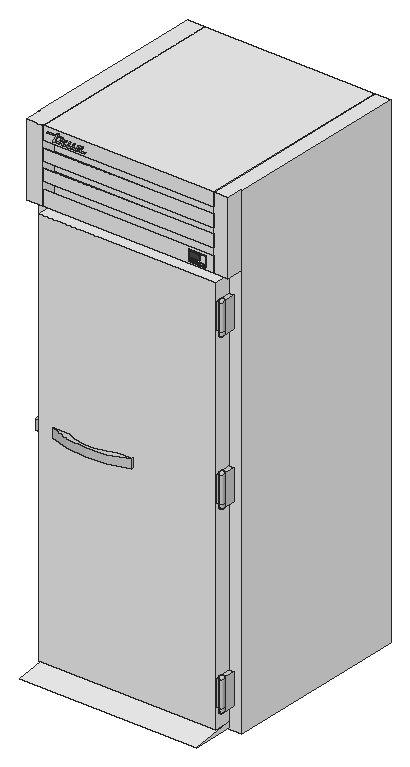
Revit family
Parameters
  Weight in Pounds = 0
  Watts = Volts * FL Amps  # 1380 W
  Volts = 115 V
  URL Cutsheet = "www.truemfg.com"
  URL = "www.truemfg.com"
  Type Mark [instance] = ""
  Type Comments = ""
  Status [instance] = ""
  Specification by User [instance] = ""
  Specification by Manufacturer = ""
  Show Logo [instance] = yes
  Show Clearance [instance] = yes
  Serial Number = ""
  Seismic Rating = ""
  SMACNA No = ""
  Revision Code [instance] = ""
  Phase = 1
  Omniclass Number and Title = ""
  Number of Poles [instance] = 1
  NAFEM Spec ID Number = ""
  Model = "STR1FRI-1S"
  Min Ckt Ampacity = 0 A
  Max Overcurrent Protection = 0 A
  Masterspec = ""
  Manufacturer = "TRUE FOOD SERVICE EQUIPMENT, INC."
  Length = 35"
  Item Number [instance] = ""
  Installed By [instance] = ""
  Identify Quantity as Lot [instance] = yes
  Height = 83 3/4"
  HP = "3/4"
  Furnished By [instance] = ""
  Foodservice Equipment Identifier [instance] = yes
  FL Amps = 12 A
  Electrical Remarks [instance] = ""
  Electric Connection Type [instance] = ""
  Elec Conn RI Height [instance] = 0"
  Elec Conn Connection Height [instance] = 0"
  Description = "Reach-in Solid Swing Door Freezer"
  Depth = 34 3/4"
  Cycle = 60 Hz
  Conn Plug = "5-15P"
  Conn Conduit = yes
  CSI MasterFormat = ""
  CSI Master Format = ""
  Apparent Power = if(Phase = 3, Volts * FL Amps * 1.73, Volts * FL Amps)  # 1380 VA
Reference planes (in)
  plane 1 "BACK": y = 0
  plane 2: z = 0
  plane 3 "LEFT": x = 0
  plane 4 "RIGHT": x = 35
  plane 5 "FRONT": y = -34.75
  plane 6 "TOP": z = 83.75
  plane 7: x = 2.84375
  plane 8: y = -34.7042
  plane 9: x = 32.15625
  plane 10: z = 69.90625
Forms (in)
  Extrusion 1, solid, material "QF_Finishes_Chrome - Satin"
    sketch origin (0.05, 0, 0) x (1, 0, 0) y (0, 1, 0)
      loop
        line (-0.05, 0) -> (-0.05, -32) -> (2.87859, -32) -> (2.87859, 0) -> (-0.05, 0)
    from 0 to 83.75
  Extrusion 2, solid, material "QF_Finishes_Chrome - Satin"
    sketch origin (50.15, 0, 0) x (1, 0, 0) y (0, 1, 0)
      loop
        line (-17.85, 0) -> (-17.85, -32) -> (-15.15, -32) -> (-15.15, 0) -> (-17.85, 0)
    from 0 to 83.75
  Extrusion 3, solid, material "QF_Finishes_Chrome - Satin"
    sketch origin (0, 0, 0) x (0, 1, 0) y (0, 0, 1)
      loop
        line (-34.7042, 71.28125) -> (-32, 71.28125) -> (-32, 0) -> (0, 0) -> (0, 83.75) -> (-34.7042, 83.75) -> (-34.7042, 81.46828) -> (-32.5, 79.90102) -> (-32.5, 78.77875) -> (-34.7042, 80.34601) -> (-34.7042, 78.2123) -> (-32.5, 76.64504) -> (-32.5, 75.68428) -> (-34.7042, 77.25154) -> (-34.7042, 75.15534) -> (-32.5, 73.58807) -> (-32.5, 72.3125) -> (-34.7042, 73.87976) -> (-34.7042, 71.28125)
    from 2.92859 to 32.3
  Extrusion 4, solid, material "QF_Finishes_Chrome - Satin"
    sketch origin (0, 0, 0) x (1, 0, 0) y (0, 1, 0)
      loop
        line (34.84782, -32) -> (32.3, -32) -> (32.3, -34.75) -> (34.84782, -34.75) -> (34.84782, -32)
    from 71.28125 to 83.75
  Extrusion 5, solid, material "QF_Finishes_Chrome - Satin"
    sketch origin (-50.125, 0, 0.25) x (1, 0, 0) y (0, 1, 0)
      loop
        line (53.05359, -32) -> (50.24109, -32) -> (50.24109, -34.75) -> (53.05359, -34.75) -> (53.05359, -32)
    from 71.03125 to 83.5
  Extrusion 6, solid, material "QF_Finishes_Chrome - Satin"
    sketch origin (-24.96875, -1, -0.71875) x (1, 0, 0) y (0, 0, 1)
      loop
        line (27.25, 1.71875) -> (57.65625, 1.71875) -> (57.65625, 70.625) -> (27.25, 70.625) -> (27.25, 1.71875)
    from 31 to 33.75
  Extrusion 7, solid, material "QF_Finishes_Handrails and Railings"
    sketch origin (58.625, -0.25, 25.43519) x (1, 0, 0) y (0, 1, 0)
      loop
        line (-53.875, -34.5) -> (-53.875, -34.7)
        arc (-53.875, -34.7) -> (-47.075, -36.14405) -> (-40.275, -34.7) r 16.7325
        line (-40.275, -34.7) -> (-40.275, -34.5) -> (-42.675, -34.5)
        arc (-42.675, -34.5) -> (-47.075, -35.65816) -> (-51.475, -34.5) r 8.93715
        line (-51.475, -34.5) -> (-53.875, -34.5)
    from 10.87731 to 12.37731
  Extrusion 8, solid, material "QF_Finishes_Handrails and Railings"
    sketch origin (-23.375, 0, -3) x (1, 0, 0) y (0, 0, 1)
      loop
        circle (26.4375, 40.0625) r 0.35
      loop
        line (26.47265, 40.33635) -> (26.41715, 40.33635) -> (26.41715, 39.76895) -> (26.47265, 39.76895) -> (26.47265, 40.33635)
    from 33.5 to 33.83066
  Extrusion 9, solid, material "QF_Finishes_Handrails and Railings", visible <- "Show Logo"
    sketch origin (0.33478, 0.06376, 5.01857) x (1, 0, 0) y (0, 0, 1)
      loop
        line (3.46044, 78.08731) -> (3.35478, 77.86073) -> (4.76027, 77.86073)
        arc (4.76027, 77.86073) -> (4.78879, 77.81028) -> (4.76027, 77.75984) r 0.05887
        line (4.76027, 77.75984) -> (4.39369, 76.97372)
        arc (4.39369, 76.97372) -> (4.39051, 76.90091) -> (4.43975, 76.84717) r 0.09523
        line (4.43975, 76.84717) -> (5.33844, 76.84717)
        arc (5.33844, 76.84717) -> (5.45192, 76.88295) -> (5.52436, 76.97735) r 0.19785
        line (5.52436, 76.97735) -> (5.81285, 77.59601) -> (6.0779, 77.59601)
        arc (6.0779, 77.59601) -> (6.14744, 77.57043) -> (6.13737, 77.49703) r 0.05911
        line (6.13737, 77.49703) -> (5.89598, 76.97937)
        arc (5.89598, 76.97937) -> (5.89974, 76.8934) -> (5.97231, 76.84717) r 0.09318
        line (5.97231, 76.84717) -> (6.76198, 76.84717)
        arc (6.76198, 76.84717) -> (6.82249, 76.86919) -> (6.85468, 76.92495) r 0.09412
        arc (6.85468, 76.92495) -> (6.87746, 76.86995) -> (6.93246, 76.84717) r 0.07778
        line (6.93246, 76.84717) -> (7.43246, 76.84717)
        arc (7.43246, 76.84717) -> (7.49022, 76.86265) -> (7.53251, 76.90493) r 0.11552
        arc (7.53251, 76.90493) -> (7.55275, 76.85606) -> (7.60162, 76.83581) r 0.06912
        line (7.60162, 76.83581) -> (8.31225, 76.83581)
        arc (8.31225, 76.83581) -> (8.37034, 76.85988) -> (8.39441, 76.91797) r 0.08216
        arc (8.39441, 76.91797) -> (8.44767, 76.86472) -> (8.52042, 76.84522) r 0.14551
        line (8.52042, 76.84522) -> (9.85158, 76.84522) -> (9.99946, 77.10134) -> (8.65678, 77.10134)
        arc (8.65678, 77.10134) -> (8.61972, 77.12704) -> (8.61834, 77.17211) r 0.05009
        line (8.61834, 77.17211) -> (8.64157, 77.22192)
        arc (8.64157, 77.22192) -> (8.67723, 77.26864) -> (8.73327, 77.28635) r 0.09747
        line (8.73327, 77.28635) -> (9.16485, 77.28635)
        arc (9.16485, 77.28635) -> (9.258, 77.31131) -> (9.32619, 77.3795) r 0.1863
        line (9.32619, 77.3795) -> (9.45119, 77.59601)
        arc (9.45119, 77.59601) -> (9.45119, 77.71157) -> (9.35111, 77.76934) r 0.11556
        line (9.35111, 77.76934) -> (8.89562, 77.76934)
        arc (8.89562, 77.76934) -> (8.7795, 77.74962) -> (8.69849, 77.66412) r 0.18605
        line (8.69849, 77.66412) -> (8.48204, 77.19993)
        arc (8.48204, 77.19993) -> (8.41815, 77.11667) -> (8.31806, 77.08511) r 0.1745
        line (8.31806, 77.08511) -> (7.84559, 77.08511)
        arc (7.84559, 77.08511) -> (7.78903, 77.14684) -> (7.79268, 77.23048) r 0.10939
        line (7.79268, 77.23048) -> (8.04395, 77.76934) -> (7.88403, 77.76934) -> (7.61781, 77.19844)
        arc (7.61781, 77.19844) -> (7.56609, 77.13103) -> (7.48505, 77.10548) r 0.14128
        line (7.48505, 77.10548) -> (7.15925, 77.10548)
        arc (7.15925, 77.10548) -> (7.10419, 77.17723) -> (7.116, 77.26689) r 0.11816
        line (7.116, 77.26689) -> (7.3503, 77.76934) -> (7.18514, 77.76934) -> (6.91546, 77.191)
        arc (6.91546, 77.191) -> (6.85285, 77.12839) -> (6.76733, 77.10548) r 0.17104
        line (6.76733, 77.10548) -> (6.29555, 77.10548)
        arc (6.29555, 77.10548) -> (6.21082, 77.14499) -> (6.20267, 77.23813) r 0.0935
        line (6.20267, 77.23813) -> (6.35774, 77.57069) -> (6.57695, 77.57069)
        arc (6.57695, 77.57069) -> (6.61395, 77.68217) -> (6.69267, 77.76934) r 0.2857
        line (6.69267, 77.76934) -> (5.83605, 77.76934)
        arc (5.83605, 77.76934) -> (5.74086, 77.74824) -> (5.67498, 77.67635) r 0.16212
        line (5.67498, 77.67635) -> (5.44279, 77.17841)
        arc (5.44279, 77.17841) -> (5.3894, 77.12502) -> (5.31647, 77.10548) r 0.14586
        line (5.31647, 77.10548) -> (4.80506, 77.10548)
        arc (4.80506, 77.10548) -> (4.76514, 77.15942) -> (4.77274, 77.22609) r 0.09155
        line (4.77274, 77.22609) -> (5.11018, 77.86073) -> (5.96155, 77.86073) -> (6.06721, 78.08731) -> (5.21584, 78.08731) -> (5.32149, 78.31388) -> (5.01862, 78.31388) -> (4.91297, 78.08731) -> (3.46044, 78.08731)
      loop
        arc (8.83805, 77.56363) -> (8.80119, 77.55375) -> (8.7742, 77.52676) r 0.07373
        line (8.7742, 77.52676) -> (8.75229, 77.45936)
        arc (8.75229, 77.45936) -> (8.76245, 77.43483) -> (8.78699, 77.42466) r 0.0347
        line (8.78699, 77.42466) -> (9.15948, 77.42466)
        arc (9.15948, 77.42466) -> (9.18632, 77.43061) -> (9.20812, 77.44734) r 0.0635
        line (9.20812, 77.44734) -> (9.22624, 77.53122)
        arc (9.22624, 77.53122) -> (9.22091, 77.55368) -> (9.20009, 77.56363) r 0.02676
        line (9.20009, 77.56363) -> (8.83805, 77.56363)
    from 34.76797 to 34.83173
  Extrusion 10, solid, material "QF_Finishes_White"
    sketch origin (-22.74812, 0.0458, -7.91247) x (1, 0, 0) y (0, 0, 1)
      loop
        line (50.81732, 81.35727) -> (50.81732, 79.60996) -> (53.72357, 79.60996) -> (53.72357, 81.35727) -> (50.81732, 81.35727)
    from 34.75 to 34.76797
  Extrusion 11, solid, material "QF_Finishes_Black"
    sketch origin (-22.74812, 0.0458, -7.91247) x (1, 0, 0) y (0, 0, 1)
      loop
        line (53.78607, 81.41977) -> (50.75482, 81.41977) -> (50.75482, 79.54746) -> (53.78607, 79.54746) -> (53.78607, 81.41977)
      loop
        spline (50.95482, 79.87872) -> (50.96333, 79.86254) -> (50.98831, 79.84747) -> (51.02804, 79.83452) -> (51.07982, 79.82459) -> (51.14011, 79.81835) -> (51.20482, 79.81622) -> (51.26952, 79.81835) -> (51.32982, 79.82459) -> (51.38159, 79.83452) -> (51.42132, 79.84747) -> (51.4463, 79.86254) -> (51.45482, 79.87872)
        spline (51.45482, 79.87872) -> (51.4463, 79.89489) -> (51.42132, 79.90997) -> (51.38159, 79.92291) -> (51.32982, 79.93284) -> (51.26952, 79.93909) -> (51.20482, 79.94122) -> (51.14011, 79.93909) -> (51.07982, 79.93284) -> (51.02804, 79.92291) -> (50.98831, 79.90997) -> (50.96333, 79.89489) -> (50.95482, 79.87872)
      loop
        spline (51.65083, 79.87872) -> (51.65935, 79.86254) -> (51.68432, 79.84747) -> (51.72405, 79.83452) -> (51.77583, 79.82459) -> (51.83612, 79.81835) -> (51.90083, 79.81622) -> (51.96553, 79.81835) -> (52.02583, 79.82459) -> (52.07761, 79.83452) -> (52.11734, 79.84747) -> (52.14231, 79.86254) -> (52.15083, 79.87872)
        spline (52.15083, 79.87872) -> (52.14231, 79.89489) -> (52.11734, 79.90997) -> (52.07761, 79.92291) -> (52.02583, 79.93284) -> (51.96553, 79.93909) -> (51.90083, 79.94122) -> (51.83612, 79.93909) -> (51.77583, 79.93284) -> (51.72405, 79.92291) -> (51.68432, 79.90997) -> (51.65935, 79.89489) -> (51.65083, 79.87872)
      loop
        spline (52.40083, 79.87872) -> (52.40935, 79.86254) -> (52.43432, 79.84747) -> (52.47405, 79.83452) -> (52.52583, 79.82459) -> (52.58612, 79.81835) -> (52.65083, 79.81622) -> (52.71553, 79.81835) -> (52.77583, 79.82459) -> (52.82761, 79.83452) -> (52.86734, 79.84747) -> (52.89231, 79.86254) -> (52.90083, 79.87872)
        spline (52.90083, 79.87872) -> (52.89231, 79.89489) -> (52.86734, 79.90997) -> (52.82761, 79.92291) -> (52.77583, 79.93284) -> (52.71553, 79.93909) -> (52.65083, 79.94122) -> (52.58612, 79.93909) -> (52.52583, 79.93284) -> (52.47405, 79.92291) -> (52.43432, 79.90997) -> (52.40935, 79.89489) -> (52.40083, 79.87872)
      loop
        line (50.95481, 81.21978) -> (50.95481, 80.21978) -> (52.65433, 80.21978) -> (52.65433, 81.21978) -> (50.95481, 81.21978)
      loop
        line (53.72357, 81.35727) -> (50.81732, 81.35727) -> (50.81732, 79.60996) -> (53.72357, 79.60996) -> (53.72357, 81.35727)
      loop
        spline (53.15083, 79.87872) -> (53.15935, 79.86254) -> (53.18432, 79.84747) -> (53.22405, 79.83452) -> (53.27583, 79.82459) -> (53.33612, 79.81835) -> (53.40083, 79.81622) -> (53.46553, 79.81835) -> (53.52583, 79.82459) -> (53.57761, 79.83452) -> (53.61734, 79.84747) -> (53.64231, 79.86254) -> (53.65083, 79.87872)
        spline (53.65083, 79.87872) -> (53.64231, 79.89489) -> (53.61734, 79.90997) -> (53.57761, 79.92291) -> (53.52583, 79.93284) -> (53.46553, 79.93909) -> (53.40083, 79.94122) -> (53.33612, 79.93909) -> (53.27583, 79.93284) -> (53.22405, 79.92291) -> (53.18432, 79.90997) -> (53.15935, 79.89489) -> (53.15083, 79.87872)
    from 34.76797 to 34.80335
  Extrusion 12, solid
    sketch origin (-25.125, 0, 0) x (1, 0, 0) y (0, 0, 1)
      loop
        circle (56.875, 81.625) r 0.25
    from 0 to 0.0625
  Blend 13, solid, material "QF_Finishes_Handrails and Railings"
    base sketch origin (27.53125, -1, -1) x (-1, 0, 0) y (0, 0, -1)
      loop
        line (25.25, -38.99169) -> (26, -38.99169) -> (26, -37.24169) -> (25.25, -37.24169) -> (25.25, -38.99169)
    top sketch origin (27.53125, 0, -1) x (-1, 0, 0) y (0, 0, -1)
      loop
        line (26.18223, -36.6441) -> (25.25, -36.6441) -> (25.25, -39.42643) -> (26.18223, -39.42643) -> (26.18223, -36.6441)
    from 33.57883 to 32
  Extrusion 14, solid, material "QF_Finishes_Handrails and Railings"
    sketch origin (33.78125, 0, 3) x (0, 1, 0) y (0, 0, -1)
      loop
        line (-32, -64.17729) -> (-32, -58.86127) -> (-34.25, -58.86127) -> (-34.25, -59.57348) -> (-33.81497, -59.57348) -> (-33.81497, -63.97276)
        arc (-33.81497, -63.97276) -> (-33.75506, -64.11738) -> (-33.61044, -64.17729) r 0.20453
        line (-33.61044, -64.17729) -> (-32, -64.17729)
    from 0.17506 to 1
  Revolve 15, solid, material "QF_Finishes_Handrails and Railings"
    sketch origin (33.28125, 0, 3) x (0, 1, 0) y (0, 0, -1)
      loop
        line (-34.26563, -59.62689) -> (-34.67229, -59.62689) -> (-34.67229, -64.0986)
        arc (-34.67229, -64.0986) -> (-34.53722, -64.35057) -> (-34.26563, -64.43983) r 0.3848
        line (-34.26563, -64.43983) -> (-34.26563, -59.62689)
      loop
        line (-34.26563, -59.57348) -> (-34.26563, -58.67281)
        arc (-34.26563, -58.67281) -> (-34.53264, -58.75883) -> (-34.67229, -59.00212) r 0.38884
        line (-34.67229, -59.00212) -> (-34.67229, -59.57348) -> (-34.26563, -59.57348)
      axis (-34.26563, -58.67281) -> (-34.26563, -64.43983)
    angle from 0 to 360
  Extrusion 16, solid, material "QF_Finishes_Handrails and Railings"
    sketch origin (27.5, -1.07734, 3.0011) x (-1, 0, 0) y (0, 0, -1)
      loop
        line (-5.58509, -64.0986) -> (-5.1875, -64.0986) -> (-5.1875, -59.62579) -> (-5.58509, -59.62579) -> (-5.58509, -64.0986)
    from 32.81497 to 33.59495
  Extrusion 17, solid, material "QF_Finishes_Handrails and Railings"
    sketch origin (33.78125, 0, -24) x (0, 1, 0) y (0, 0, -1)
      loop
        line (-32, -64.55229) -> (-32, -59.23627) -> (-34.25, -59.23627) -> (-34.25, -59.94848) -> (-33.81497, -59.94848) -> (-33.81497, -64.34776)
        arc (-33.81497, -64.34776) -> (-33.75506, -64.49238) -> (-33.61044, -64.55229) r 0.20453
        line (-33.61044, -64.55229) -> (-32, -64.55229)
    from 0.17506 to 1
  Revolve 18, solid, material "QF_Finishes_Handrails and Railings"
    sketch origin (33.28125, 0, -24) x (0, 1, 0) y (0, 0, -1)
      loop
        line (-34.26563, -60.00189) -> (-34.67229, -60.00189) -> (-34.67229, -64.4736)
        arc (-34.67229, -64.4736) -> (-34.53722, -64.72557) -> (-34.26563, -64.81483) r 0.3848
        line (-34.26563, -64.81483) -> (-34.26563, -60.00189)
      loop
        line (-34.26563, -59.94848) -> (-34.26563, -59.04781)
        arc (-34.26563, -59.04781) -> (-34.53264, -59.13383) -> (-34.67229, -59.37712) r 0.38884
        line (-34.67229, -59.37712) -> (-34.67229, -59.94848) -> (-34.26563, -59.94848)
      axis (-34.26563, -59.04781) -> (-34.26563, -64.81483)
    angle from 0 to 360
  Extrusion 19, solid, material "QF_Finishes_Handrails and Railings"
    sketch origin (27.5, -1.07734, -23.9989) x (-1, 0, 0) y (0, 0, -1)
      loop
        line (-5.58509, -64.4736) -> (-5.1875, -64.4736) -> (-5.1875, -60.00079) -> (-5.58509, -60.00079) -> (-5.58509, -64.4736)
    from 32.81497 to 33.59495
  Extrusion 20, solid, material "QF_Finishes_Handrails and Railings"
    sketch origin (33.78125, 0, -55.5) x (0, 1, 0) y (0, 0, -1)
      loop
        line (-32, -64.55229) -> (-32, -59.23627) -> (-34.25, -59.23627) -> (-34.25, -59.94848) -> (-33.81497, -59.94848) -> (-33.81497, -64.34776)
        arc (-33.81497, -64.34776) -> (-33.75506, -64.49238) -> (-33.61044, -64.55229) r 0.20453
        line (-33.61044, -64.55229) -> (-32, -64.55229)
    from 0.17506 to 1
  Revolve 21, solid, material "QF_Finishes_Handrails and Railings"
    sketch origin (33.28125, 0, -55.5) x (0, 1, 0) y (0, 0, -1)
      loop
        line (-34.26563, -60.00189) -> (-34.67229, -60.00189) -> (-34.67229, -64.4736)
        arc (-34.67229, -64.4736) -> (-34.53722, -64.72557) -> (-34.26563, -64.81483) r 0.3848
        line (-34.26563, -64.81483) -> (-34.26563, -60.00189)
      loop
        line (-34.26563, -59.94848) -> (-34.26563, -59.04781)
        arc (-34.26563, -59.04781) -> (-34.53264, -59.13383) -> (-34.67229, -59.37712) r 0.38884
        line (-34.67229, -59.37712) -> (-34.67229, -59.94848) -> (-34.26563, -59.94848)
      axis (-34.26563, -59.04781) -> (-34.26563, -64.81483)
    angle from 0 to 360
  Extrusion 22, solid, material "QF_Finishes_Handrails and Railings"
    sketch origin (27.5, -1.07734, -55.4989) x (-1, 0, 0) y (0, 0, -1)
      loop
        line (-5.58509, -64.4736) -> (-5.1875, -64.4736) -> (-5.1875, -60.00079) -> (-5.58509, -60.00079) -> (-5.58509, -64.4736)
    from 32.81497 to 33.59495
  Extrusion 23, solid, material "QF_Finishes_Door Clearance", visible <- "Show Clearance", detail levels coarse
    sketch origin (26.42841, -3.6098, 0) x (1, 0, 0) y (0, 1, 0)
      loop
        line (6.25909, -31.1402) -> (-24.14716, -31.1402)
        arc (-24.14716, -31.1402) -> (-15.24138, -52.64067) -> (6.25909, -61.54645) r 30.40625
        line (6.25909, -61.54645) -> (6.25909, -31.1402)
    from 1 to 69.90625
  Extrusion 24, solid, material "QF_Finishes_Chrome - Satin"
    sketch origin (32.6875, -1, 8.03125) x (0, 0, 1) y (0, -1, 0)
      loop
        line (-8.03125, 37.875) -> (-8.03125, 31) -> (-7.03125, 31) -> (-8.03125, 37.875)
    from 0 to -30.40625
Cuts and joins
  joined: Extrusion 1, Extrusion 2, Extrusion 4, Extrusion 5
Lines and regions (in)
  symbolic lines
    curve 1: line (0, 0, 0) -> (35, 0, 0)
    curve 2: line (0, -34.75, 0) -> (0, 0, 0)
    curve 3: line (35, -34.75, 0) -> (0, -34.75, 0)
    curve 4: line (35, 0, 0) -> (35, -34.75, 0)
    curve 5: line (35, -32.5, 0) -> (0, -32.5, 0)
    curve 6: arc (15.95746, -34.75, 0) -> (11.55746, -35.90816, 0) -> (7.15746, -34.75, 0) r 8.93715
    curve 7: arc (4.75746, -34.95, 0) -> (11.55746, -36.39405, 0) -> (18.35746, -34.95, 0) r 16.7325
    curve 8: line (4.75746, -34.75, 0) -> (4.75746, -34.95, 0)
    curve 9: line (18.35746, -34.95, 0) -> (18.35746, -34.75, 0)
  symbolic lines, style "QF-Door Swings", visible <- "Show Clearance", detail levels coarse
    curve 10: line (32.6875, -34.75, 0) -> (32.6875, -65.15625, 0)
    curve 11: arc (32.6875, -65.15625, 0) -> (11.18703, -56.25047, 0) -> (2.28125, -34.75, 0) r 30.40625
Dimensions and locks (in)
  "Depth": plane 5 "FRONT" to plane 1 "BACK"
  plane 6 "TOP" to level = 83 3/4"  (x2)
  Extrusion 6 sketch curve to Extrusion 6 sketch curve = 30 13/32"
  Extrusion 6 to plane 1 "BACK" = 34 3/4"
  "Length": plane 3 "LEFT" to plane 4 "RIGHT"
  plane 4 "RIGHT" to plane 3 "LEFT" = 35"
  plane 10 to level = 69 29/32"
  aligned and locked: level to plane 2
Automatic sketch dimensions
  Extrusion 1 sketch curve to plane 3 "LEFT" = 0"
  plane 1 "BACK" to Extrusion 1 sketch curve = 0"
  Extrusion 1 sketch curve to Extrusion 1 sketch curve = 2.92859"
  Extrusion 1 sketch curve to plane 5 "FRONT" = 2 3/4"
  plane 1 "BACK" to Extrusion 2 sketch curve = 0"
  Extrusion 2 sketch curve to plane 4 "RIGHT" = 0"
  Extrusion 2 sketch curve to plane 5 "FRONT" = 2 3/4"
  plane 5 "FRONT" to Extrusion 4 sketch curve = 0"
  Extrusion 4 sketch curve to plane 4 "RIGHT" = 0.15218"
  Extrusion 4 sketch curve to plane 5 "FRONT" = 2 3/4"
  plane 5 "FRONT" to Extrusion 5 sketch curve = 0"
  plane 3 "LEFT" to Extrusion 5 sketch curve = 0.11609"
  Extrusion 5 sketch curve to Extrusion 5 sketch curve = 2 13/16"
  Extrusion 5 sketch curve to plane 5 "FRONT" = 2 3/4"
  plane 5 "FRONT" to Extrusion 7 sketch curve = 0"  (x2)
  Extrusion 7 sketch curve to Extrusion 7 sketch curve = 2.4"  (x2)
  Extrusion 7 sketch curve to Extrusion 7 sketch curve = 4.4"
  Extrusion 7 sketch curve to Extrusion 7 sketch curve = 0"
  Extrusion 7 sketch curve to Extrusion 7 sketch curve = 0.2"
  Extrusion 7 sketch curve to plane 5 "FRONT" = 7.77899"
  Extrusion 7 sketch curve to Extrusion 7 sketch curve = 7.30945"
  Extrusion 8 sketch curve to Extrusion 8 sketch curve = 0.02035"
  Extrusion 8 sketch curve to Extrusion 8 sketch curve = 0.0555"
  Extrusion 8 sketch curve to Extrusion 8 sketch curve = 0.29355"
  Extrusion 8 sketch curve to Extrusion 8 sketch curve = 0.27385"
  plane 3 "LEFT" to Extrusion 9 sketch curve = 3.68957"
  Extrusion 9 sketch curve to Extrusion 9 sketch curve = 0.10565"  (x5)
  Extrusion 9 sketch curve to Extrusion 9 sketch curve = 1.03891"
  Extrusion 9 sketch curve to Extrusion 9 sketch curve = 0.04606"
  Extrusion 9 sketch curve to Extrusion 9 sketch curve = 0.04025"
  Extrusion 9 sketch curve to Extrusion 9 sketch curve = 0.33624"
  Extrusion 9 sketch curve to Extrusion 9 sketch curve = 0.03034"  (x2)
  Extrusion 9 sketch curve to Extrusion 9 sketch curve = 0.29274"
  Extrusion 9 sketch curve to Extrusion 9 sketch curve = 0.03232"
  Extrusion 9 sketch curve to Extrusion 9 sketch curve = 0.08083"
  Extrusion 9 sketch curve to Extrusion 9 sketch curve = 0.1527"
  Extrusion 9 sketch curve to Extrusion 9 sketch curve = 0.19721"
  Extrusion 9 sketch curve to Extrusion 9 sketch curve = 0.4629"
  Extrusion 9 sketch curve to Extrusion 9 sketch curve = 0.02197"
  Extrusion 9 sketch curve to Extrusion 9 sketch curve = 0.12632"
  Extrusion 9 sketch curve to Extrusion 9 sketch curve = 0.18591"
  Extrusion 9 sketch curve to Extrusion 9 sketch curve = 0.2322"
  Extrusion 9 sketch curve to Extrusion 9 sketch curve = 0.13786"
  Extrusion 9 sketch curve to Extrusion 9 sketch curve = 0.00907"
  Extrusion 9 sketch curve to Extrusion 9 sketch curve = 0.01413"
  Extrusion 9 sketch curve to Extrusion 9 sketch curve = 0.37162"
  Extrusion 9 sketch curve to Extrusion 9 sketch curve = 0.12551"
  Extrusion 9 sketch curve to Extrusion 9 sketch curve = 0.07633"
  Extrusion 9 sketch curve to Extrusion 9 sketch curve = 0.08445"
  Extrusion 9 sketch curve to Extrusion 9 sketch curve = 0.25598"
  Extrusion 9 sketch curve to Extrusion 9 sketch curve = 0.01887"
  Extrusion 9 sketch curve to Extrusion 9 sketch curve = 0.04061"
  Extrusion 9 sketch curve to Extrusion 9 sketch curve = 0.0653"
  Extrusion 9 sketch curve to Extrusion 9 sketch curve = 0.08474"
  Extrusion 9 sketch curve to Extrusion 9 sketch curve = 0.00815"
  Extrusion 9 sketch curve to Extrusion 9 sketch curve = 0.22037"
  Extrusion 9 sketch curve to Extrusion 9 sketch curve = 0.21921"
  Extrusion 9 sketch curve to Extrusion 9 sketch curve = 0.11572"
  Extrusion 9 sketch curve to Extrusion 9 sketch curve = 0.46643"
  Extrusion 9 sketch curve to Extrusion 9 sketch curve = 0.00535"
  Extrusion 9 sketch curve to Extrusion 9 sketch curve = 0.09269"
  Extrusion 9 sketch curve to Extrusion 9 sketch curve = 0.09348"
  Extrusion 9 sketch curve to Extrusion 9 sketch curve = 0.14812"
  Extrusion 9 sketch curve to Extrusion 9 sketch curve = 0.07778"  (x3)
  Extrusion 9 sketch curve to Extrusion 9 sketch curve = 0.20054"
  Extrusion 9 sketch curve to Extrusion 9 sketch curve = 0.04325"
  Extrusion 9 sketch curve to Extrusion 9 sketch curve = 0.32433"
  Extrusion 9 sketch curve to Extrusion 9 sketch curve = 0.10233"  (x2)
  Extrusion 9 sketch curve to Extrusion 9 sketch curve = 0.16515"
  Extrusion 9 sketch curve to Extrusion 9 sketch curve = 0.27321"
  Extrusion 9 sketch curve to Extrusion 9 sketch curve = 0.0526"
  Extrusion 9 sketch curve to Extrusion 9 sketch curve = 0.10005"
  Extrusion 9 sketch curve to Extrusion 9 sketch curve = 0.06912"
  Extrusion 9 sketch curve to Extrusion 9 sketch curve = 0.13276"
  Extrusion 9 sketch curve to Extrusion 9 sketch curve = 0.17486"
  Extrusion 9 sketch curve to Extrusion 9 sketch curve = 0.05291"
  Extrusion 9 sketch curve to Extrusion 9 sketch curve = 0.53374"
  Extrusion 9 sketch curve to Extrusion 9 sketch curve = 0.09914"  (x2)
  Extrusion 9 sketch curve to Extrusion 9 sketch curve = 0.15992"
  Extrusion 9 sketch curve to Extrusion 9 sketch curve = 0.46666"
  Extrusion 9 sketch curve to Extrusion 9 sketch curve = 0.00582"
  Extrusion 9 sketch curve to Extrusion 9 sketch curve = 0.08216"
  Extrusion 9 sketch curve to Extrusion 9 sketch curve = 0.16397"
  Extrusion 9 sketch curve to Extrusion 9 sketch curve = 0.12601"
  Extrusion 9 sketch curve to Extrusion 9 sketch curve = 0.1363"
  Extrusion 9 sketch curve to Extrusion 9 sketch curve = 0.02323"
  Extrusion 9 sketch curve to Extrusion 9 sketch curve = 0.03844"
  Extrusion 9 sketch curve to Extrusion 9 sketch curve = 0.0454"
  Extrusion 9 sketch curve to Extrusion 9 sketch curve = 0.05693"
  Extrusion 9 sketch curve to Extrusion 9 sketch curve = 0.0917"
  Extrusion 9 sketch curve to Extrusion 9 sketch curve = 0.01902"
  Extrusion 9 sketch curve to Extrusion 9 sketch curve = 0.02191"
  Extrusion 9 sketch curve to Extrusion 9 sketch curve = 0.0347"
  Extrusion 9 sketch curve to Extrusion 9 sketch curve = 0.06385"
  Extrusion 9 sketch curve to Extrusion 9 sketch curve = 0.02906"
  Extrusion 9 sketch curve to Extrusion 9 sketch curve = 0.02851"
  Extrusion 9 sketch curve to Extrusion 9 sketch curve = 0.29237"
  Extrusion 9 sketch curve to Extrusion 9 sketch curve = 0.00537"
  Extrusion 9 sketch curve to Extrusion 9 sketch curve = 0.0406"
  Extrusion 9 sketch curve to Extrusion 9 sketch curve = 0.04327"
  Extrusion 9 sketch curve to Extrusion 9 sketch curve = 0.02615"
  Extrusion 9 sketch curve to Extrusion 9 sketch curve = 0.11806"
  Extrusion 9 sketch curve to Extrusion 9 sketch curve = 0.15103"
  Extrusion 9 sketch curve to Extrusion 9 sketch curve = 0.10007"
  Extrusion 9 sketch curve to Extrusion 9 sketch curve = 0.5254"
  Extrusion 9 sketch curve to Extrusion 9 sketch curve = 0.14787"
  Extrusion 9 sketch curve to plane 6 "TOP" = 1.89562"
  Extrusion 9 sketch curve to Extrusion 9 sketch curve = 0.07275"
  Extrusion 9 sketch curve to Extrusion 9 sketch curve = 0.05776"
  Extrusion 9 sketch curve to Extrusion 9 sketch curve = 0.08631"
  Extrusion 9 sketch curve to Extrusion 9 sketch curve = 0.09282"
  Extrusion 9 sketch curve to Extrusion 9 sketch curve = 0.13018"
  Extrusion 9 sketch curve to Extrusion 9 sketch curve = 0.16714"
  Extrusion 9 sketch curve to Extrusion 9 sketch curve = 0.11061"
  Extrusion 9 sketch curve to Extrusion 9 sketch curve = 0.06046"
  Extrusion 9 sketch curve to Extrusion 9 sketch curve = 0.16548"
  Extrusion 9 sketch curve to Extrusion 9 sketch curve = 0.14279"
  Extrusion 9 sketch curve to Extrusion 9 sketch curve = 0.0496"
  Extrusion 9 sketch curve to Extrusion 9 sketch curve = 0.07293"
  Extrusion 9 sketch curve to Extrusion 9 sketch curve = 0.07764"
  Extrusion 9 sketch curve to Extrusion 9 sketch curve = 0.03794"
  Extrusion 9 sketch curve to Extrusion 9 sketch curve = 0.08552"
  Extrusion 9 sketch curve to Extrusion 9 sketch curve = 0.09296"
  Extrusion 9 sketch curve to Extrusion 9 sketch curve = 0.09314"
  Extrusion 9 sketch curve to Extrusion 9 sketch curve = 0.02781"
  Extrusion 9 sketch curve to Extrusion 9 sketch curve = 0.04981"
  Extrusion 9 sketch curve to Extrusion 9 sketch curve = 0.09315"
  Extrusion 9 sketch curve to Extrusion 9 sketch curve = 0.04799"
  Extrusion 9 sketch curve to Extrusion 9 sketch curve = 0.02531"
  Extrusion 9 sketch curve to Extrusion 9 sketch curve = 0.03054"
  Extrusion 9 sketch curve to Extrusion 9 sketch curve = 0.2589"
  Extrusion 9 sketch curve to Extrusion 9 sketch curve = 0.0674"
  Extrusion 9 sketch curve to Extrusion 9 sketch curve = 0.0324"
  Extrusion 9 sketch curve to Extrusion 9 sketch curve = 0.26185"
  Extrusion 9 sketch curve to Extrusion 9 sketch curve = 11/256"
  Extrusion 9 sketch curve to Extrusion 9 sketch curve = 0.07366"
  Extrusion 9 sketch curve to Extrusion 9 sketch curve = 0.02187"
  Extrusion 9 sketch curve to Extrusion 9 sketch curve = 0.06479"
  Extrusion 9 sketch curve to Extrusion 9 sketch curve = 0.01183"
  Extrusion 9 sketch curve to Extrusion 9 sketch curve = 0.05778"
  Extrusion 9 sketch curve to Extrusion 9 sketch curve = 0.53375"
  Extrusion 9 sketch curve to Extrusion 9 sketch curve = 0.23098"
  Extrusion 9 sketch curve to Extrusion 9 sketch curve = 0"
  Extrusion 9 sketch curve to Extrusion 9 sketch curve = 0.05045"
  Extrusion 9 sketch curve to Extrusion 9 sketch curve = 0.09139"
  Extrusion 9 sketch curve to Extrusion 9 sketch curve = 29/128"  (x3)
  Extrusion 12 sketch curve to plane 6 "TOP" = 2 1/8"
  Blend 13 sketch curve to Blend 13 sketch curve = 1 3/4"
  Blend 13 sketch curve to Blend 13 sketch curve = 2.78233"
  Extrusion 14 sketch curve to plane 5 "FRONT" = 1/2"
  Extrusion 14 sketch curve to Extrusion 14 sketch curve = 0.43503"
  Extrusion 14 sketch curve to Extrusion 14 sketch curve = 0.20453"
  Extrusion 14 sketch curve to Extrusion 14 sketch curve = 1.61044"
  Extrusion 14 sketch curve to plane 6 "TOP" = 16.57271"
  Extrusion 14 sketch curve to Extrusion 14 sketch curve = 4.39928"
  Extrusion 14 sketch curve to Extrusion 14 sketch curve = 0.71221"
  Revolve 15 sketch curve to plane 5 "FRONT" = 0.07771"  (x2)
  Revolve 15 sketch curve to Revolve 15 sketch curve = 0.38242"
  Revolve 15 sketch curve to Revolve 15 sketch curve = 0.38436"
  Revolve 15 sketch curve to plane 5 "FRONT" = 31/64"
  Revolve 15 sketch curve to Revolve 15 sketch curve = 0.40666"
  Revolve 15 sketch curve to Revolve 15 sketch curve = 0"
  Revolve 15 sketch curve to plane 6 "TOP" = 15.75492"
  Revolve 15 sketch curve to Revolve 15 sketch curve = 0.55526"
  Revolve 15 sketch curve to Revolve 15 sketch curve = 0.19474"
  Revolve 15 sketch curve to Revolve 15 sketch curve = 0.14649"
  Revolve 15 sketch curve to Revolve 15 sketch curve = 4.42889"
  Revolve 15 sketch curve to Revolve 15 sketch curve = 0.05342"
  Revolve 15 sketch curve to Revolve 15 sketch curve = 0.51246"
  Revolve 15 sketch curve to Revolve 15 sketch curve = 0.05889"
  Extrusion 16 sketch curve to Extrusion 16 sketch curve = 0.39759"
  Extrusion 16 sketch curve to plane 6 "TOP" = 16.6503"
  Extrusion 16 sketch curve to Extrusion 16 sketch curve = 4.47281"
  Extrusion 17 sketch curve to plane 5 "FRONT" = 1/2"
  Extrusion 17 sketch curve to Extrusion 17 sketch curve = 0.43503"
  Extrusion 17 sketch curve to Extrusion 17 sketch curve = 0.20453"
  Extrusion 17 sketch curve to Extrusion 17 sketch curve = 1.61044"
  Extrusion 17 sketch curve to Extrusion 17 sketch curve = 4.39928"
  Extrusion 17 sketch curve to Extrusion 17 sketch curve = 0.71221"
  Revolve 18 sketch curve to plane 5 "FRONT" = 0.07771"  (x2)
  Revolve 18 sketch curve to Revolve 18 sketch curve = 0.38242"
  Revolve 18 sketch curve to Revolve 18 sketch curve = 0.38436"
  Revolve 18 sketch curve to plane 5 "FRONT" = 31/64"
  Revolve 18 sketch curve to Revolve 18 sketch curve = 0.40666"
  Revolve 18 sketch curve to Revolve 18 sketch curve = 0"
  Revolve 18 sketch curve to Revolve 18 sketch curve = 0.55526"
  Revolve 18 sketch curve to Revolve 18 sketch curve = 0.19474"
  Revolve 18 sketch curve to Revolve 18 sketch curve = 0.14649"
  Revolve 18 sketch curve to Revolve 18 sketch curve = 4.42889"
  Revolve 18 sketch curve to Revolve 18 sketch curve = 0.05342"
  Revolve 18 sketch curve to Revolve 18 sketch curve = 0.51246"
  Revolve 18 sketch curve to Revolve 18 sketch curve = 0.05889"
  Extrusion 19 sketch curve to Extrusion 19 sketch curve = 0.39759"
  Extrusion 19 sketch curve to Extrusion 19 sketch curve = 4.47281"
  Extrusion 20 sketch curve to plane 5 "FRONT" = 1/2"
  Extrusion 20 sketch curve to Extrusion 20 sketch curve = 0.43503"
  Extrusion 20 sketch curve to Extrusion 20 sketch curve = 0.20453"
  Extrusion 20 sketch curve to Extrusion 20 sketch curve = 1.61044"
  Extrusion 20 sketch curve to Extrusion 20 sketch curve = 0.71221"
  Revolve 21 sketch curve to plane 5 "FRONT" = 0.07771"  (x2)
  Revolve 21 sketch curve to Revolve 21 sketch curve = 0.38242"
  Revolve 21 sketch curve to Revolve 21 sketch curve = 0.38436"
  Revolve 21 sketch curve to plane 5 "FRONT" = 31/64"
  Revolve 21 sketch curve to Revolve 21 sketch curve = 0.40666"
  Revolve 21 sketch curve to Revolve 21 sketch curve = 0"
  Revolve 21 sketch curve to Revolve 21 sketch curve = 0.55526"
  Revolve 21 sketch curve to Revolve 21 sketch curve = 0.19474"
  Revolve 21 sketch curve to Revolve 21 sketch curve = 0.14649"
  Revolve 21 sketch curve to Revolve 21 sketch curve = 0.05342"
  Revolve 21 sketch curve to Revolve 21 sketch curve = 0.51246"
  Revolve 21 sketch curve to Revolve 21 sketch curve = 0.05889"
  Extrusion 22 sketch curve to Extrusion 22 sketch curve = 0.39759"
  Extrusion 3 sketch curve to plane 8 = 0"  (x4)
  Extrusion 3 sketch curve to plane 6 "TOP" = 0"
  plane 8 to Extrusion 3 sketch curve = 2.2042"  (x2)
  Extrusion 3 sketch curve to Extrusion 3 sketch curve = 0"
  Extrusion 3 sketch curve to Extrusion 3 sketch curve = 1/2"
  plane 1 "BACK" to Extrusion 3 sketch curve = 0"
  Extrusion 3 sketch curve to plane 6 "TOP" = 2.28172"
  Extrusion 3 sketch curve to Extrusion 3 sketch curve = 1.12227"  (x2)
  Extrusion 3 sketch curve to Extrusion 3 sketch curve = 0.445"
  Extrusion 3 sketch curve to Extrusion 3 sketch curve = 2.13371"  (x2)
  Extrusion 3 sketch curve to Extrusion 3 sketch curve = 0.96076"  (x2)
  Extrusion 3 sketch curve to Extrusion 3 sketch curve = 2.0962"  (x2)
  Extrusion 3 sketch curve to Extrusion 3 sketch curve = 1.27557"  (x2)
  Extrusion 3 sketch curve to Extrusion 3 sketch curve = 1 1/32"
  Blend 13 sketch curve to Blend 13 sketch curve = 3/4"
  Blend 13 sketch curve to Blend 13 sketch curve = 0.93223"
  Extrusion 2 sketch curve to plane 4 "RIGHT" = 2.7"
  Extrusion 4 sketch curve to Extrusion 4 sketch curve = 2.54782"
  plane 7 to Extrusion 7 sketch curve = 1 29/32"
  plane 7 to Extrusion 8 sketch curve = 0.1984"
  Extrusion 12 sketch curve to plane 4 "RIGHT" = 3 1/4"
  Blend 13 sketch curve to plane 7 = 9/16"
  plane 7 to Blend 13 sketch curve = 9/16"
  Extrusion 16 sketch curve to plane 4 "RIGHT" = 1.91491"
  Extrusion 19 sketch curve to plane 4 "RIGHT" = 1.91491"
  Extrusion 22 sketch curve to plane 4 "RIGHT" = 1.91491"
  Extrusion 11 sketch curve to Extrusion 11 sketch curve = 1/4"  (x4)
  Extrusion 11 sketch curve to Extrusion 11 sketch curve = 0.4965"
  Extrusion 11 sketch curve to Extrusion 11 sketch curve = 0.0035"
  Extrusion 11 sketch curve to Extrusion 11 sketch curve = 1/2"
  Extrusion 11 sketch curve to Extrusion 11 sketch curve = 0.44601"
  Extrusion 11 sketch curve to Extrusion 11 sketch curve = 0"  (x3)
  Extrusion 11 sketch curve to Extrusion 11 sketch curve = 0.1375"  (x2)
  Extrusion 11 sketch curve to Extrusion 11 sketch curve = 1/16"  (x4)
  Extrusion 11 sketch curve to plane 6 "TOP" = 12.11501"
  Extrusion 11 sketch curve to Extrusion 11 sketch curve = 0.26876"  (x2)
  Extrusion 11 sketch curve to Extrusion 11 sketch curve = 0.34106"
  Extrusion 11 sketch curve to plane 6 "TOP" = 10.44269"
  Extrusion 10 sketch curve to plane 6 "TOP" = 10.30519"
  Extrusion 10 sketch curve to Extrusion 10 sketch curve = 1.74732"
  Extrusion 10 sketch curve to plane 4 "RIGHT" = 6.9308"
  Extrusion 10 sketch curve to Extrusion 10 sketch curve = 2 29/32"
  Extrusion 11 sketch curve to plane 4 "RIGHT" = 6.9933"
  Extrusion 11 sketch curve to Extrusion 11 sketch curve = 1.06923"
  Extrusion 6 sketch curve to plane 7 = 9/16"
  Extrusion 6 sketch curve to plane 6 "TOP" = 13 27/32"
  plane 1 "BACK" to curve 1 = 0"
  curve 1 to plane 3 "LEFT" = 0"
  plane 5 "FRONT" to curve 11 = 0"
  curve 3 to plane 4 "RIGHT" = 0"
  curve 11 to plane 7 = 9/16"
  plane 7 to curve 8 = 1.91371"
  curve 8 to curve 6 = 2.4"
  curve 7 to curve 6 = 0"
  curve 6 to curve 9 = 2.4"
  curve 11 to plane 4 "RIGHT" = 2 5/16"
  curve 9 to curve 9 = 0.2"
  curve 5 to plane 5 "FRONT" = 2 1/4"
  curve 6 to curve 7 = 7.30945"
  level to Extrusion 3 sketch curve = 0"
  level to Extrusion 6 sketch curve = 1"
  level to Extrusion 8 sketch curve = 36.76895"
  level to Blend 13 sketch curve = 37.99169"
  Blend 13 sketch curve to level = 35.6441"
  level to Extrusion 17 sketch curve = 40.55229"
  level to Revolve 18 sketch curve = 41.37008"
  level to Extrusion 19 sketch curve = 40.4747"
  level to Extrusion 20 sketch curve = 9.05229"
  Extrusion 20 sketch curve to Extrusion 20 sketch curve = 4.39928"
  level to Revolve 21 sketch curve = 9.87008"
  Revolve 21 sketch curve to Revolve 21 sketch curve = 4.42889"
  level to Extrusion 22 sketch curve = 8.9747"
  Extrusion 22 sketch curve to Extrusion 22 sketch curve = 4.47281"
  Extrusion 24 sketch curve to Extrusion 6 = 0"
  Extrusion 6 to Extrusion 24 sketch curve = 0"
  Extrusion 24 sketch curve to Extrusion 24 sketch curve = 1"
  Extrusion 24 sketch curve to Extrusion 6 = 4 1/8"
  Extrusion 23 sketch curve to plane 7 = 9/16"
  Extrusion 23 sketch curve to plane 9 = 17/32"
  plane 5 "FRONT" to Extrusion 23 sketch curve = 0"
  plane 7 to curve 7 = 8.71371"
  curve 6 to plane 5 "FRONT" = 7.77899"
  radius of Extrusion 8 sketch curve = 0.35"
  radius of Extrusion 12 sketch curve = 1/4"
Connectors (in)
  electrical at (31.75, -0.0625, 81.625), driven by "Volts", driven by "Watts"
    settings: on Extrusion 12, index 1, voltage 115 V, apparent load 1380 VA, apparent load phase1 0 VA, apparent load phase2 0 VA, apparent load phase3 0 VA, power factor 1, load classification "Other", number of poles 1, system type 30, power factor state 1, is connector primary yes, connector utility no, sub classification motor no, connector description "Electrical Connection"
